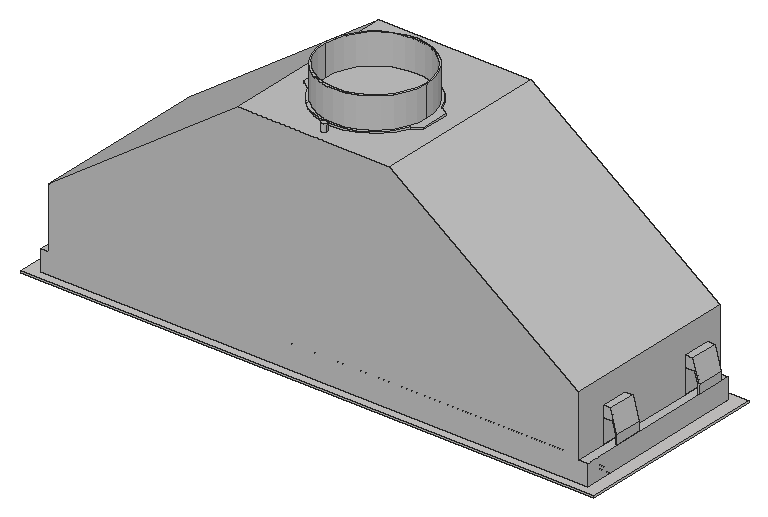
Revit family "FP_Revit_18_HP90IDCHX3_Rangehood_90001862A", category Specialty Equipment, Revit 2018
Family settings
  Round Connector Dimension = Use Diameter
  Part Type = Normal
  OmniClass Number = 23.40.40.00
  OmniClass Title = Food Service Equipment and Furnishings
  Work Plane-Based = No
  Always vertical = Yes
  Cut with Voids When Loaded = Yes
  Shared = No
  Room Calculation Point = No
Parameters
  Visibility - Clearance Required = yes
  URL = "www.fisherpaykel.com"
  Product - Width = 830 mm  # constant formula
  Product - Height = 361 mm  # constant formula
  Product - Depth = 280 mm  # constant formula
  Model = "HP90IDCHX3"
  Material - Trim = Fisher & Paykel - Stainless Steel
  Material - Glass = Fisher & Paykel - Glass, Black
  Material - Body = Fisher & Paykel - Grey
  Manufacturer = "Fisher & Paykel Appliances"
  Keynote = ""
  FFL Offset [instance] = 1550 mm
  Description = "90cm Built-in Integrated Rangehood"
  Connector Description - Extraction = "Use rigid or semi-rigid ducting 150mm diameter, 780m³/hr"
  Connector Description - Electrical = "220-240 V, 50Hz,"
  Chassis - Width = 792 mm  # constant formula
  Chassis - Height = 315 mm  # constant formula
  Chassis - Depth = 255 mm  # constant formula
  Cavity - Width = 800 mm  # constant formula
  Cavity - Height = 365 mm  # constant formula
  Cavity - Depth = 260 mm  # constant formula
Reference planes
  plane 1 "Center (Front/Back)": y = 0
  plane 2: z = 0
  plane 3 "Center (Left/Right)": x = 0
  plane 4 "Product - LHS": x = -415
  plane 5 "Product - RHS": x = 415
  plane 6 "Product - Rear": y = 140
  plane 7 "Cavity - Rear": y = 130
  plane 8 "Chassis - LHS": x = -396
  plane 9 "Chassis - RHS": x = 396
  plane 10 "Product - Front": y = -140
  plane 11 "Cavity - Front": y = -130
  plane 12 "Chassis - Rear": y = 127.5
  plane 13 "Chassis - Front": y = -127.5
  plane 14 "Cavity - RHS": x = 400
  plane 15 "Cavity - LHS": x = -400
  plane 16 "FFL Offset": z = 1550
  plane 17 "Frame": z = 1548
Forms (mm)
  Extrusion 1, solid, material "Fisher & Paykel - Grey" <- "Material - Body"
    sketch origin (0, -130, 0) x (-1, 0, 0) y (0, 0, 1)
      loop
        line (-384, 1580) -> (-396, 1580) -> (-396, 1550) -> (396, 1550) -> (396, 1580) -> (384, 1580) -> (384, 1669) -> (110.5, 1865) -> (-110.5, 1865) -> (-384, 1669) -> (-384, 1580)
    from 2.5 to 257.5
  Extrusion 2, void
    sketch origin (0, 0, 0) x (0, 1, 0) y (0, 0, 1)
      loop
        line (-125.5, 1548) -> (-87.449, 1548) -> (-87.449, 1550) -> (-85.042, 1553.195) -> (-110.289, 1572.22) -> (-112.696, 1569.025) -> (-125.5, 1563.852) -> (-125.5, 1548)
      loop
        line (-67.5, 1548) -> (125.5, 1548) -> (125.5, 1568) -> (117.5, 1568) -> (117.5, 1578) -> (-67.5, 1578) -> (-67.5, 1548)
    from -395 to 395
  Extrusion 3, solid, material "Fisher & Paykel - Stainless Steel" <- "Material - Trim"
    sketch origin (0, 0, 0) x (1, 0, 0) y (0, 1, 0)
      loop
        line (-415, -140) -> (415, -140) -> (415, 140) -> (-415, 140) -> (-415, -140)
      loop
        line (-395, -125) -> (395, -125) -> (395, -87) -> (-395, -87) -> (-395, -125)
      loop
        line (-395, -67) -> (395, -67) -> (395, 125) -> (-395, 125) -> (-395, -67)
    from 1548 to 1550
  Extrusion 4, solid, material "Fisher & Paykel - Glass, Black" <- "Material - Glass", detail levels fine
    sketch origin (0, 0, 0) x (1, 0, 0) y (0, 1, 0)
      loop
        line (-377, -47.8) -> (377, -47.8) -> (377, 109.2) -> (-377, 109.2) -> (-377, -47.8)
    from 1548 to 1551
  Extrusion 5, solid, material "Fisher & Paykel - Grey"
    sketch origin (0, 0, 0) x (1, 0, 0) y (0, 1, 0)
      loop
        circle (0, -17) r 75
      loop
        circle (0, -17) r 73
    from 1867.021 to 1911
  Extrusion 6, solid, material "Fisher & Paykel - Grey" <- "Material - Body", detail levels fine
    sketch origin (0, 0, -0.879) x (1, 0, 0) y (0, 1, 0)
      loop
        line (-86.5, 3) -> (-86.5, -37) -> (-73.484, -46)
        arc (-73.484, -46) -> (0, -96) -> (73.484, -46) r 79
        line (73.484, -46) -> (86.5, -37) -> (86.5, 3) -> (73.484, 12)
        arc (73.484, 12) -> (0, 62) -> (-73.484, 12) r 79
        line (-73.484, 12) -> (-86.5, 3)
    from 1865.879 to 1867.9
  Extrusion 7, solid, material "Fisher & Paykel - Grey" <- "Material - Body", detail levels fine
    sketch origin (0, 0, 0) x (1, 0, 0) y (0, 1, 0)
      loop
        circle (0, -108.984) r 4
    from 1865 to 1874.8
  Extrusion 8, solid, material "Fisher & Paykel - Glass, Black" <- "Material - Glass", detail levels fine
    sketch origin (0, 0, 1550) x (0, 1, 0) y (0, 0, 1)
      loop
        line (-87.449, 0) -> (-85.042, 3.195) -> (-110.289, 22.22) -> (-112.696, 19.025) -> (-87.449, 0)
    from -395 to 395
  Extrusion 9, solid, material "Fisher & Paykel - Clearance Required", visible <- "Visibility - Clearance Required", detail levels coarse
    sketch origin (0, 0, 0) x (1, 0, 0) y (0, 1, 0)
      loop
        line (-400, 130) -> (-400, -130) -> (400, -130) -> (400, 130) -> (-400, 130)
    from 1550 to 1915
  Extrusion 10, solid, material "Fisher & Paykel - Clearance Required", visible <- "Visibility - Clearance Required", detail levels coarse
    sketch origin (0, 0, 0) x (1, 0, 0) y (0, 1, 0)
      loop
        circle (0, -17) r 80
    from 1915 to 1965
  Extrusion 11, solid, material "Fisher & Paykel - Grey" <- "Material - Body", detail levels medium+fine
    sketch origin (0, 0, 1550) x (1, 0, 0) y (0, 0, 1)
      loop
        line (-398.5, 67) -> (-386, 67) -> (-386, 33) -> (-384, 33) -> (-384, 83) -> (-396, 83) -> (-405, 51) -> (-405, 39) -> (-403, 39) -> (-403, 51) -> (-398.5, 67)
      loop
        line (398.5, 67) -> (403, 51) -> (403, 39) -> (405, 39) -> (405, 51) -> (396, 83) -> (384, 83) -> (384, 33) -> (386, 33) -> (386, 67) -> (398.5, 67)
    from 46 to 85.042
  Extrusion 12, solid, material "Fisher & Paykel - Grey" <- "Material - Body", detail levels medium+fine
    sketch origin (0, 0, 1550) x (1, 0, 0) y (0, 0, -1)
      loop
        line (-398.5, -67) -> (-403, -51) -> (-403, -39) -> (-405, -39) -> (-405, -51) -> (-396, -83) -> (-384, -83) -> (-384, -33) -> (-386, -33) -> (-386, -67) -> (-398.5, -67)
      loop
        line (398.5, -67) -> (386, -67) -> (386, -33) -> (384, -33) -> (384, -83) -> (396, -83) -> (405, -51) -> (405, -39) -> (403, -39) -> (403, -51) -> (398.5, -67)
    from 64 to 103
  Extrusion 13, solid, material "Fisher & Paykel - Glass, Black" <- "Material - Glass", not visible, detail levels fine
    sketch origin (0, 0, 500) x (0, 1, 0) y (0, 0, 1)
      loop
        line (-87.449, 0) -> (-85.042, 3.195) -> (-110.289, 22.22) -> (-112.696, 19.025) -> (-87.449, 0)
    from -395 to 395
  Extrusion 14, solid, material "Fisher & Paykel - Grey" <- "Material - Body", not visible, detail levels medium+fine
    sketch origin (0, 0, 500) x (1, 0, 0) y (0, 0, 1)
      loop
        line (-398.5, 67) -> (-386, 67) -> (-386, 33) -> (-384, 33) -> (-384, 83) -> (-396, 83) -> (-405, 51) -> (-405, 39) -> (-403, 39) -> (-403, 51) -> (-398.5, 67)
      loop
        line (398.5, 67) -> (403, 51) -> (403, 39) -> (405, 39) -> (405, 51) -> (396, 83) -> (384, 83) -> (384, 33) -> (386, 33) -> (386, 67) -> (398.5, 67)
    from 46 to 85.042
  Extrusion 15, solid, material "Fisher & Paykel - Grey" <- "Material - Body", not visible, detail levels medium+fine
    sketch origin (0, 0, 500) x (1, 0, 0) y (0, 0, -1)
      loop
        line (-398.5, -67) -> (-403, -51) -> (-403, -39) -> (-405, -39) -> (-405, -51) -> (-396, -83) -> (-384, -83) -> (-384, -33) -> (-386, -33) -> (-386, -67) -> (-398.5, -67)
      loop
        line (398.5, -67) -> (386, -67) -> (386, -33) -> (384, -33) -> (384, -83) -> (396, -83) -> (405, -51) -> (405, -39) -> (403, -39) -> (403, -51) -> (398.5, -67)
    from 64 to 103
  Extrusion 16, void
    sketch origin (0, 0, 0) x (1, 0, 0) y (0, 1, 0)
      loop
        line (-400, 130) -> (-400, -130) -> (400, -130) -> (400, 130) -> (-400, 130)
    from 1550 to 1915
  Extrusion 17, void
    sketch origin (0, 0, 0) x (1, 0, 0) y (0, 1, 0)
      loop
        circle (0, -17) r 80
    from 1915 to 1965
Cuts and joins
  Extrusion 2 cuts Extrusion 1
Text (mm)
  text "Due to ongoing product development, product details are subject to change without notice. \nPlease always refer to www.fisherpaykel.com for the most current product information. \n© Fisher & Paykel 2020" at (41.04, -1044.323, 0), in view "Ref. Level (Plan)"
Dimensions and locks
  equal spacing: plane 4 "Product - LHS", plane 3 "Center (Left/Right)", plane 5 "Product - RHS"
  equal spacing: plane 8 "Chassis - LHS", plane 3 "Center (Left/Right)", plane 9 "Chassis - RHS"
  "Chassis - Width": plane 8 "Chassis - LHS" to plane 9 "Chassis - RHS"
  equal spacing: plane 11 "Cavity - Front", plane 1 "Center (Front/Back)", plane 7 "Cavity - Rear"
  equal spacing: plane 12 "Chassis - Rear", plane 1 "Center (Front/Back)", plane 13 "Chassis - Front"
  equal spacing: plane 6 "Product - Rear", plane 1 "Center (Front/Back)", plane 10 "Product - Front"
  "Cavity - Depth": plane 11 "Cavity - Front" to plane 7 "Cavity - Rear"
  "Product - Depth": plane 6 "Product - Rear" to plane 10 "Product - Front"
  "Product - Width": plane 4 "Product - LHS" to plane 5 "Product - RHS"
  "Chassis - Depth": plane 12 "Chassis - Rear" to plane 13 "Chassis - Front"
  equal spacing: plane 15 "Cavity - LHS", plane 3 "Center (Left/Right)", plane 14 "Cavity - RHS"
  plane 15 "Cavity - LHS" to plane 14 "Cavity - RHS" = 800 mm
  "Cavity - Width": plane 15 "Cavity - LHS" to plane 14 "Cavity - RHS"
  "FFL Offset": plane 16 "FFL Offset" to level
  locked: Extrusion 1 sketch curve to plane 16 "FFL Offset" at 30
  locked: Extrusion 1 sketch curve to plane 16 "FFL Offset" at 119  (x2)
  locked: Extrusion 2 sketch curve to plane 16 "FFL Offset" at 13.852
  locked: Extrusion 2 sketch curve to plane 16 "FFL Offset" at 3.195
  locked: Extrusion 2 sketch curve to plane 16 "FFL Offset" at 19.025
  locked: Extrusion 2 sketch curve to plane 16 "FFL Offset" at 22.22
  locked: plane 16 "FFL Offset" to Extrusion 2 sketch curve at 18
  locked: plane 16 "FFL Offset" to Extrusion 2 sketch curve at 28
  plane 16 "FFL Offset" to plane 17 "Frame" = 2 mm
  locked: Extrusion 6 to cut or joined group of Extrusion 1, Extrusion 2 at 2.021
  cut or joined group of Extrusion 1, Extrusion 2 to plane 16 "FFL Offset" = 315 mm
  locked: Extrusion 7 to plane 16 "FFL Offset" at 324.8
  "Product - Height": Extrusion 5 to plane 16 "FFL Offset"
  "Chassis - Height": cut or joined group of Extrusion 1, Extrusion 2 to plane 16 "FFL Offset"
  locked: Extrusion 4 to plane 17 "Frame" at 3
  locked: Extrusion 11 to plane 16 "FFL Offset" at 83
  "Cavity - Height": Extrusion 9 to plane 16 "FFL Offset"
  locked: Extrusion 10 to Extrusion 9 at 50
  aligned and locked: level to plane 2
  aligned and locked: plane 12 "Chassis - Rear" to Extrusion 1
  aligned and locked: Extrusion 1 to plane 13 "Chassis - Front"
  aligned and locked: plane 7 "Cavity - Rear" to Extrusion 9 sketch curve
  aligned and locked: Extrusion 9 sketch curve to plane 15 "Cavity - LHS"
  aligned and locked: plane 11 "Cavity - Front" to Extrusion 9 sketch curve
  aligned and locked: Extrusion 9 sketch curve to plane 14 "Cavity - RHS"
  aligned and locked: Extrusion 5 to Extrusion 6
  aligned and locked: Extrusion 10 to Extrusion 9
  aligned and locked: Extrusion 1 sketch curve to plane 16 "FFL Offset"
  aligned and locked: Extrusion 1 sketch curve to Extrusion 1 sketch curve
  aligned and locked: Extrusion 2 sketch curve to Extrusion 2 sketch curve
  aligned and locked: Extrusion 6 to cut or joined group of Extrusion 1, Extrusion 2
  aligned and locked: Extrusion 2 to plane 17 "Frame"
  aligned and locked: Extrusion 7 to cut or joined group of Extrusion 1, Extrusion 2
  aligned and locked: Extrusion 3 to cut or joined group of Extrusion 1, Extrusion 2
  aligned and locked: Extrusion 3 to plane 17 "Frame"
  aligned and locked: Extrusion 3 to Extrusion 4
  aligned and locked: Extrusion 9 to cut or joined group of Extrusion 1, Extrusion 2
  aligned and locked: Extrusion 16 to Extrusion 9
  aligned and locked: Extrusion 16 to cut or joined group of Extrusion 1, Extrusion 2
  aligned and locked: Extrusion 17 to Extrusion 9
  aligned and locked: Extrusion 17 to Extrusion 10
Automatic sketch dimensions
  Extrusion 8 sketch curve to Extrusion 8 sketch curve = 2.407 mm
  Extrusion 8 sketch curve to Extrusion 8 sketch curve = 25.247 mm
  Extrusion 11 sketch curve to Extrusion 11 sketch curve = 2 mm  (x4)
  Extrusion 11 sketch curve to Extrusion 11 sketch curve = 6 mm  (x2)
  Extrusion 11 sketch curve to Extrusion 11 sketch curve = 12 mm  (x3)
  Extrusion 11 sketch curve to Extrusion 11 sketch curve = 0 mm  (x3)
  Extrusion 11 sketch curve to Extrusion 11 sketch curve = 16 mm  (x4)
  Extrusion 12 sketch curve to Extrusion 12 sketch curve = 2 mm  (x4)
  Extrusion 12 sketch curve to Extrusion 12 sketch curve = 12 mm  (x4)
  Extrusion 12 sketch curve to Extrusion 12 sketch curve = 16 mm  (x4)
  Extrusion 12 sketch curve to Extrusion 12 sketch curve = 0 mm  (x3)
  Extrusion 12 sketch curve to Extrusion 12 sketch curve = 6 mm  (x2)
  Extrusion 8 sketch curve to Extrusion 8 sketch curve = 3.195 mm
  Extrusion 11 sketch curve to Extrusion 11 sketch curve = 4.5 mm
  Extrusion 11 sketch curve to Extrusion 11 sketch curve = 2.5 mm
  Extrusion 11 sketch curve to Extrusion 11 sketch curve = 17 mm  (x2)
  Extrusion 11 sketch curve to Extrusion 11 sketch curve = 768 mm
  Extrusion 11 sketch curve to Extrusion 11 sketch curve = 12.5 mm
  Extrusion 12 sketch curve to Extrusion 12 sketch curve = 4.5 mm
  Extrusion 12 sketch curve to Extrusion 12 sketch curve = 2.5 mm
  Extrusion 12 sketch curve to Extrusion 12 sketch curve = 768 mm
  Extrusion 12 sketch curve to Extrusion 12 sketch curve = 12.5 mm
  Extrusion 12 sketch curve to Extrusion 12 sketch curve = 17 mm
  Extrusion 13 sketch curve to Extrusion 13 sketch curve = 2.407 mm
  Extrusion 13 sketch curve to Extrusion 13 sketch curve = 25.247 mm
  Extrusion 14 sketch curve to Extrusion 14 sketch curve = 2 mm  (x4)
  Extrusion 14 sketch curve to Extrusion 14 sketch curve = 6 mm  (x2)
  Extrusion 14 sketch curve to Extrusion 14 sketch curve = 12 mm  (x3)
  Extrusion 14 sketch curve to Extrusion 14 sketch curve = 0 mm  (x3)
  Extrusion 14 sketch curve to Extrusion 14 sketch curve = 16 mm  (x4)
  Extrusion 15 sketch curve to Extrusion 15 sketch curve = 2 mm  (x4)
  Extrusion 15 sketch curve to Extrusion 15 sketch curve = 12 mm  (x4)
  Extrusion 15 sketch curve to Extrusion 15 sketch curve = 16 mm  (x4)
  Extrusion 15 sketch curve to Extrusion 15 sketch curve = 0 mm  (x3)
  Extrusion 15 sketch curve to Extrusion 15 sketch curve = 6 mm  (x2)
  Extrusion 13 sketch curve to Extrusion 13 sketch curve = 3.195 mm
  Extrusion 14 sketch curve to Extrusion 14 sketch curve = 4.5 mm
  Extrusion 14 sketch curve to Extrusion 14 sketch curve = 2.5 mm
  Extrusion 14 sketch curve to Extrusion 14 sketch curve = 17 mm  (x2)
  Extrusion 14 sketch curve to Extrusion 14 sketch curve = 768 mm
  Extrusion 14 sketch curve to Extrusion 14 sketch curve = 12.5 mm
  Extrusion 15 sketch curve to Extrusion 15 sketch curve = 4.5 mm
  Extrusion 15 sketch curve to Extrusion 15 sketch curve = 2.5 mm
  Extrusion 15 sketch curve to Extrusion 15 sketch curve = 768 mm
  Extrusion 15 sketch curve to Extrusion 15 sketch curve = 12.5 mm
  Extrusion 15 sketch curve to Extrusion 15 sketch curve = 17 mm
  Extrusion 1 sketch curve to plane 9 "Chassis - RHS" = 0 mm
  Extrusion 1 sketch curve to Extrusion 1 sketch curve = 12 mm
  plane 3 "Center (Left/Right)" to Extrusion 1 sketch curve = 110.5 mm
  Extrusion 1 sketch curve to plane 3 "Center (Left/Right)" = 110.5 mm
  Extrusion 1 sketch curve to plane 8 "Chassis - LHS" = 12 mm
  Extrusion 1 sketch curve to plane 8 "Chassis - LHS" = 0 mm
  plane 16 "FFL Offset" to Extrusion 1 sketch curve = 315 mm
  Extrusion 2 sketch curve to plane 17 "Frame" = 0 mm
  Extrusion 2 sketch curve to plane 16 "FFL Offset" = 0 mm
  plane 13 "Chassis - Front" to Extrusion 2 sketch curve = 2 mm
  Extrusion 2 sketch curve to Extrusion 2 sketch curve = 12.804 mm
  Extrusion 2 sketch curve to Extrusion 2 sketch curve = 2.407 mm
  Extrusion 2 sketch curve to Extrusion 2 sketch curve = 17.542 mm
  Extrusion 2 sketch curve to plane 12 "Chassis - Rear" = 10 mm
  Extrusion 2 sketch curve to plane 12 "Chassis - Rear" = 2 mm
  Extrusion 3 sketch curve to plane 4 "Product - LHS" = 0 mm
  Extrusion 3 sketch curve to plane 5 "Product - RHS" = 0 mm
  Extrusion 3 sketch curve to plane 8 "Chassis - LHS" = 1 mm  (x2)
  Extrusion 3 sketch curve to plane 9 "Chassis - RHS" = 1 mm  (x2)
  Extrusion 3 sketch curve to plane 10 "Product - Front" = 0 mm
  plane 13 "Chassis - Front" to Extrusion 3 sketch curve = 2.5 mm
  Extrusion 3 sketch curve to Extrusion 3 sketch curve = 38 mm
  Extrusion 3 sketch curve to Extrusion 3 sketch curve = 20 mm
  Extrusion 3 sketch curve to plane 12 "Chassis - Rear" = 2.5 mm
  plane 6 "Product - Rear" to Extrusion 3 sketch curve = 0 mm
  Extrusion 4 sketch curve to plane 8 "Chassis - LHS" = 19 mm
  Extrusion 4 sketch curve to plane 9 "Chassis - RHS" = 19 mm
  plane 1 "Center (Front/Back)" to Extrusion 4 sketch curve = 47.8 mm
  Extrusion 4 sketch curve to plane 12 "Chassis - Rear" = 18.3 mm
  Extrusion 5 sketch curve to Extrusion 5 sketch curve = 0 mm  (x2)
  Extrusion 5 sketch curve to plane 3 "Center (Left/Right)" = 0 mm
  plane 1 "Center (Front/Back)" to Extrusion 5 sketch curve = 17 mm
  Extrusion 6 sketch curve to Extrusion 6 sketch curve = 0 mm  (x3)
  Extrusion 6 sketch curve to plane 3 "Center (Left/Right)" = 0 mm
  plane 1 "Center (Front/Back)" to Extrusion 6 sketch curve = 46 mm  (x2)
  Extrusion 6 sketch curve to plane 3 "Center (Left/Right)" = 73.484 mm
  Extrusion 6 sketch curve to plane 1 "Center (Front/Back)" = 3 mm  (x2)
  Extrusion 6 sketch curve to Extrusion 6 sketch curve = 13.016 mm  (x2)
  Extrusion 6 sketch curve to plane 1 "Center (Front/Back)" = 12 mm  (x3)
  Extrusion 6 sketch curve to Extrusion 6 sketch curve = 9 mm  (x2)
  plane 1 "Center (Front/Back)" to Extrusion 6 sketch curve = 17 mm
  Extrusion 7 sketch curve to plane 3 "Center (Left/Right)" = 0 mm
  plane 13 "Chassis - Front" to Extrusion 7 sketch curve = 18.516 mm
  Extrusion 10 sketch curve to plane 3 "Center (Left/Right)" = 0 mm
  plane 1 "Center (Front/Back)" to Extrusion 10 sketch curve = 17 mm
  Extrusion 16 sketch curve to plane 11 "Cavity - Front" = 0 mm
  Extrusion 16 sketch curve to plane 15 "Cavity - LHS" = 0 mm
  Extrusion 16 sketch curve to plane 14 "Cavity - RHS" = 0 mm
  plane 7 "Cavity - Rear" to Extrusion 16 sketch curve = 0 mm
  Extrusion 17 sketch curve to plane 3 "Center (Left/Right)" = 0 mm
  plane 1 "Center (Front/Back)" to Extrusion 17 sketch curve = 17 mm
  radius of Extrusion 5 sketch curve = 75 mm
  radius of Extrusion 5 sketch curve = 73 mm
  radius of Extrusion 7 sketch curve = 4 mm
  radius of Extrusion 10 sketch curve = 80 mm
  radius of Extrusion 17 sketch curve = 80 mm
Connectors
  electrical at (0, -108.984, 1874.8), driven by "Connector Description - Electrical"
    settings: on Extrusion 7, index 1, voltage 230 V, apparent load 0 VA, apparent load phase1 0 VA, apparent load phase2 0 VA, apparent load phase3 0 VA, power factor 1, load classification "Other", number of poles 1, system type 30, power factor state 1, is connector primary yes, connector utility no, sub classification motor no, connector description "220-240 V, 50Hz,"
  hvac at (0, -17, 1911), driven by "Connector Description - Extraction"
    settings: on Extrusion 5, index 2, duct flow 0.0 L/s, flow factor 0, pres drop 0.0 Pa, loss coef 0, conn angle 0.00°, conn width 304.8 mm, conn height 304.8 mm, conn diameter 150 mm, duct sys type 4, conn prof type 0, flow config 0, flow direction 2, loss method 0, conn ref index -1, conn util no, is conn primary yes, conn desc "Use rigid or semi-rigid ducting 150mm diameter, 780m³/hr"
